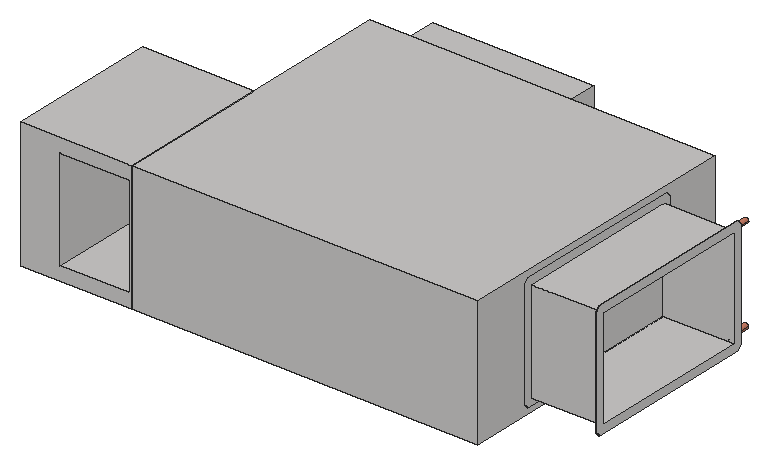
Revit family
Parameters
  Width = 3' - 1"
  Voltage = 120 V
  Unit Weight = if(and(Size Option = 1, Number of Rows = 1), "189.0 lbs", if(and(Size Option = 1, Number of Rows = 2), "192.0 lbs", if(and(Size Option = 2, Number of Rows = 1), "194.0 lbs", if(and(Size Option = 2, Number of Rows = 2), "197.0 lbs", "0"))))  # "194.0 lbs"
  UltraLoc Liner = Choose Liner Option = 3  # no
  URL = "http://www.titus-hvac.com/"
  UL = "181"
  Supply Air Flow [instance] = 0 CFM
  SteriLoc Liner = Choose Liner Option = 2  # no
  Size Option = 2
  Size C = Size Option = 2  # yes
  Size B = Size Option = 1  # no
  Secondary Material = Copper Connectors
  Primary Air Pressure Drop [instance] = 0.00 in-wg
  Primary Air Flow [instance] = 0 CFM
  Pressure [instance] = 0.00 psi
  Plenum Air Pressure Drop [instance] = 0.00 in-wg
  Plenum Air Flow [instance] = 0 CFM
  Outlet Width = 1' - 8 1/2"
  Outlet Height = 1' - 0 1/2"
  Number of Rows = 1
  Number of Poles = 1
  Nominal Width = Width + 0' 6 1/4"  # 3' - 7 1/4"
  Nominal Length = Length + 1' 1 7/8" + 0' 9"  # 5' - 5 7/8"
  Nominal Inlet Size = 0' - 6"
  Nominal Height = 1' - 4"
  NFPA = "90A"
  Motor Full Load Amps [instance] = 4 A
  Model = "DTFS-F"
  Min. Air Flow = 0 CFM
  Max. Air Flow = 500 CFM
  Material = Galvanized Steel
  Manufacturer = "Titus"
  Length = 3' - 7"
  Juction Box Offset = 0' - 2 7/8"
  Inlet Diameter = Nominal Inlet Size - 0' 0 1/8"  # 0' - 5 7/8"
  Induced Air Inlet Width = 1' - 1 7/8"
  Induced Air Inlet Offset = (Height - Induced Air Inlet Connection Height) / 2  # 0' - 1 11/16"
  Induced Air Inlet Height = 1' - 7"
  Induced Air Inlet Connection Width = 0' - 8 3/4"
  Induced Air Inlet Connection Height = 1' - 0 5/8"
  Induced Air Filter = no
  Height = 1' - 4"
  Heating Total Capacity [instance] = 0 Btu/h
  Heating Entering Water Temp = 0 °F
  Half Outlet Connection Width = Outlet Width / 2  # 0' - 10 1/4"
  Half Outlet Connection Height = Outlet Height / 2  # 0' - 6 1/4"
  Half Height Start = -(Height / 2)  # -0' - 8"
  Half Height End = Height / 2  # 0' - 8"
  HWC Option = HWC Section : B-C - 1 Row
  HWC Connector Radius = 5/16"
  HP-Motor = "1/4"
  Gallons Per Minute [instance] = 0 GPM
  Frequency = 60 Hz
  Flange Offset = 0' - 1"
  Filter Size = "11\"x14\""
  Fiber Free Liner = Choose Liner Option = 1  # no
  Fan Disconnect Switch = no
  Duct Radius = Nominal Inlet Size / 2  # 0' - 3"
  Description = "Ultra Quiet Series Fan Powered Terminal Unit, Direct Digital Control, Pressure Independent"
  Connector Vertical Offset = 0' - 11 3/4"
  HWC Connector Length = 0' - 3"
  Connector Horizontal Offset = if(Number of Rows = 1, 0' 0", if(Number of Rows = 2, 0' 1", 0' 0"))  # 0' - 0"
  Connection Void Radius = Connection Radius - 0' 0 1/4"  # 0' - 2 11/16"
  Connection Radius = Inlet Diameter / 2  # 0' - 2 15/16"
  Choose Liner Option = 0
  CADworks URL = "www.CADworks.net"
  Assembly Code = "D3040100"
  Apparent Power [instance] = Voltage * Motor Full Load Amps  # 480 VA
  Air Inlet Offset = 0' - 6"
  1/2" Fiberglass Liner = Choose Liner Option = 0  # yes
  1" Fiberglass Liner = Choose Liner Option = 4  # no
Reference planes (in)
  plane 1 "Center (Front/Back)": y = 0
  plane 2: z = 0
  plane 3 "Center (Left/Right)": x = 3
  plane 4: x = -18.5
  plane 5: x = 24.5
  plane 6: x = -15.625
  plane 7: x = -21.875
  plane 8: z = 0
  plane 9: y = -18.5
  plane 10: y = 18.5
  plane 11: y = 12.5
  plane 12: z = 0
  plane 13: x = 33.5
  plane 14: x = 32.5
  plane 15: y = 13.25
  plane 16: y = 10.25
  plane 17: z = 5.875
  plane 18: z = -5.875
  plane 19: x = 32.5
  plane 20: y = 24.75
  plane 21: x = -32.375
  plane 22: z = 8
  plane 23: z = -8
Forms (in)
  Extrusion 1, solid, material "Galvanized Steel" <- "Material"
    sketch origin (0, 0, 0) x (1, 0, 0) y (0, 1, 0)
      loop
        line (-18.5, 18.5) -> (-18.5, -18.5) -> (24.5, -18.5) -> (24.5, 18.5) -> (-18.5, 18.5)
    from -8 <- "Half Height Start" to 8 <- "Half Height End"
  Extrusion 2, solid, material "Galvanized Steel" <- "Material"
    sketch origin (0, 0, 0) x (1, 0, 0) y (0, 1, 0)
      loop
        line (-32.375, 0.5) -> (-32.375, -18.5) -> (-18.5, -18.5) -> (-18.5, 0.5) -> (-32.375, 0.5)
    from -8 <- "Half Height Start" to 8 <- "Half Height End"
  Extrusion 3, void
    sketch origin (0, -18.5, 0) x (1, 0, 0) y (0, 0, -1)
      loop
        line (-18.75, 6.3125) -> (-27.5, 6.3125) -> (-27.5, -6.3125) -> (-18.75, -6.3125) -> (-18.75, 6.3125)
    from 0 to 16
  Extrusion 4, solid, material "Galvanized Steel" <- "Material"
    sketch origin (3, 0, 30) x (1, 0, 0) y (0, 1, 0)
      loop
        line (-18.625, 18.5) -> (1.375, 18.5) -> (1.375, 24.75) -> (-18.625, 24.75) -> (-18.625, 18.5)
    from -36 to -24
  Extrusion 5, solid, material "Galvanized Steel" <- "Material"
    sketch origin (-24.875, -2, 0) x (0, 0, -1) y (0, 1, 0)
      loop
        circle (0, 14.5) r 2.9375
    from 3 to 6.375
  Extrusion 6, void
    sketch origin (-24.875, 0, 0) x (0, 1, 0) y (0, 0, 1)
      loop
        circle (12.5, 0) r 2.6875
    from 3 to 9.25
  Extrusion 7, void, detail levels fine
    sketch origin (33.5, -10.25, 6.25) x (0, 0, 1) y (0, -1, 0)
      loop
        line (-12.5, 0) -> (-12.5, -20.5) -> (0, -20.5) -> (0, 0) -> (-12.5, 0)
    from -0.0625 to 0
  Extrusion 8, solid, material "Copper Connectors" <- "Secondary Material", detail levels fine
    sketch origin (0, 0, 0) x (1, 0, 0) y (0, 0, 1)
      loop
        circle (32.5, 5.875) r 0.3125
    from -13.25 to -10.3125
  Extrusion 9, solid, material "Copper Connectors" <- "Secondary Material", detail levels fine
    sketch origin (0, 0, 0) x (1, 0, 0) y (0, 0, 1)
      loop
        circle (32.5, -5.875) r 0.3125
    from -13.25 to -10.3125
Cuts and joins
  Extrusion 3 cuts Extrusion 2
  Extrusion 6 cuts Extrusion 1
  Extrusion 6 cuts Extrusion 5
Dimensions and locks (in)
  "Length": plane 5 to plane 4
  equal spacing: plane 5, plane 3 "Center (Left/Right)", plane 4
  locked: Extrusion 4 to plane 6 at 0
  locked: Extrusion 4 to Extrusion 4 at 20
  "Juction Box Offset": plane 6 to plane 4
  locked: plane 4 to plane 7 at 3.375
  "Width": plane 9 to plane 10
  equal spacing: plane 9, plane 1 "Center (Front/Back)", plane 10
  locked: Extrusion 5 sketch curve to level at 0
  locked: Extrusion 5 sketch curve to plane 11 at 0
  locked: Extrusion 6 sketch curve to level at 0
  locked: Extrusion 6 sketch curve to plane 11 at 0
  locked: Extrusion 4 to Extrusion 4 at 6.25
  locked: Extrusion 4 to Extrusion 4 at 12
  equal spacing: Extrusion 4, plane 8, Extrusion 4
  "Air Inlet Offset": plane 10 to plane 11
  "Induced Air Inlet Height": cut or joined group of Extrusion 2, Extrusion 3 to cut or joined group of Extrusion 2, Extrusion 3
  locked: cut or joined group of Extrusion 5, Extrusion 6 to cut or joined group of Extrusion 5, Extrusion 6 at 3.375
  "Induced Air Inlet Connection Height": Extrusion 3 sketch curve to Extrusion 3 sketch curve
  "Induced Air Inlet Offset": Extrusion 3 sketch curve to cut or joined group of Extrusion 2, Extrusion 3
  "Induced Air Inlet Connection Width": Extrusion 3 sketch curve to Extrusion 3 sketch curve
  locked: Extrusion 3 sketch curve to cut or joined group of Extrusion 1, Extrusion 6 at 0.25
  locked: plane 5 to plane 13 at 9
  locked: plane 14 to plane 13 at 1
  locked: plane 17 to plane 18 at 11.75
  equal spacing: plane 17, plane 12, plane 18
  "Connector Horizontal Offset": plane 19 to plane 14
  "HWC Connector Length": plane 16 to plane 15
  locked: cut or joined group of Extrusion 2, Extrusion 3 to cut or joined group of Extrusion 2, Extrusion 3 at 16
  equal spacing: cut or joined group of Extrusion 2, Extrusion 3, plane 12, cut or joined group of Extrusion 2, Extrusion 3
  locked: cut or joined group of Extrusion 1, Extrusion 6 to cut or joined group of Extrusion 2, Extrusion 3 at 16
  equal spacing: cut or joined group of Extrusion 1, Extrusion 6, plane 12, cut or joined group of Extrusion 1, Extrusion 6
  locked: cut or joined group of Extrusion 2, Extrusion 3 to cut or joined group of Extrusion 2, Extrusion 3 at 13.875
  locked: nested 1 to cut or joined group of Extrusion 1, Extrusion 6 at 1.6875
  locked: cut or joined group of Extrusion 1, Extrusion 6 to nested 1 at 1.6875
  "Connection Radius": radius of Extrusion 5 sketch curve
  "Connection Void Radius": radius of Extrusion 6 sketch curve
  "HWC Connector Radius": radius of Extrusion 8 sketch curve
  "HWC Connector Radius": radius of Extrusion 9 sketch curve
  aligned and locked: plane 10 to Extrusion 4
  aligned and locked: plane 7 to cut or joined group of Extrusion 5, Extrusion 6
  aligned and locked: plane 9 to cut or joined group of Extrusion 2, Extrusion 3  (x3)
  aligned and locked: nested 1 to Extrusion 8
  aligned and locked: plane 15 to Extrusion 8
  aligned and locked: nested 1 to Extrusion 9
  aligned and locked: plane 15 to Extrusion 9
  aligned and locked: plane 5 to cut or joined group of Extrusion 1, Extrusion 6
  aligned and locked: cut or joined group of Extrusion 1, Extrusion 6 to plane 10
  aligned and locked: plane 9 to cut or joined group of Extrusion 1, Extrusion 6
  aligned and locked: cut or joined group of Extrusion 1, Extrusion 6 to plane 4
  aligned and locked: cut or joined group of Extrusion 1, Extrusion 6 to nested 1
  aligned and locked: cut or joined group of Extrusion 5, Extrusion 6 to cut or joined group of Extrusion 1, Extrusion 6
  aligned and locked: cut or joined group of Extrusion 2, Extrusion 3 to cut or joined group of Extrusion 1, Extrusion 6
  aligned and locked: plane 6 to Extrusion 6
  aligned and locked: Extrusion 6 to plane 7
  aligned and locked: plane 22 to cut or joined group of Extrusion 2, Extrusion 3
  aligned and locked: plane 22 to cut or joined group of Extrusion 1, Extrusion 6
  aligned and locked: plane 23 to cut or joined group of Extrusion 2, Extrusion 3
  aligned and locked: plane 23 to cut or joined group of Extrusion 1, Extrusion 6
  aligned and locked: plane 20 to Extrusion 4
  aligned and locked: plane 21 to cut or joined group of Extrusion 2, Extrusion 3
  aligned and locked: plane 13 to nested 1
Automatic sketch dimensions
  Extrusion 1 sketch curve to plane 4 = 0' - 0"
  Extrusion 1 sketch curve to plane 5 = 0' - 0"
  Extrusion 1 sketch curve to plane 9 = 0' - 0"
  Extrusion 1 sketch curve to plane 10 = 0' - 0"
  Extrusion 2 sketch curve to plane 4 = 0' - 0"
  Extrusion 2 sketch curve to plane 9 = 0' - 0"
  Extrusion 2 sketch curve to plane 1 "Center (Front/Back)" = 0' - 0 1/2"
  Extrusion 4 sketch curve to plane 6 = 0' - 0"
  Extrusion 4 sketch curve to plane 10 = 0' - 0"
  plane 3 "Center (Left/Right)" to Extrusion 4 sketch curve = 0' - 1 3/8"
  Extrusion 4 sketch curve to plane 10 = 0' - 6 1/4"
  Extrusion 2 sketch curve to plane 7 = 0' - 10 1/2"
  Extrusion 7 sketch curve to nested 1 = 0' - 0"  (x4)
  Extrusion 8 sketch curve to plane 17 = 0' - 0"
  Extrusion 8 sketch curve to plane 19 = 0' - 0"
  Extrusion 9 sketch curve to plane 14 = 0' - 0"
  Extrusion 9 sketch curve to plane 18 = 0' - 0"
Nested families (in)
  nested 1: "HWC Section" at (29, 0, 0) x (0, 1, 0) z (0, 0, 1), type <- "HWC Option", type "B-C - 1 Row"
Connectors (in)
  electrical at (-5.625, 24.75, 0), driven by "Apparent Power", driven by "Voltage", driven by "Number of Poles"
    settings: on Extrusion 4, index 8
  hvac at (-21.875, 12.5, 0), driven by "Duct Radius", driven by "Primary Air Pressure Drop", driven by "Primary Air Flow"
    settings: on cut or joined group of Extrusion 5, Extrusion 6, index 9
  hvac at (-23.125, -18.5, 0), driven by "Induced Air Inlet Connection Height", driven by "Induced Air Inlet Connection Width", driven by "Plenum Air Pressure Drop", driven by "Plenum Air Flow"
    settings: on cut or joined group of Extrusion 2, Extrusion 3, index 10
  hvac at (33.5, 0, 0), driven by "Outlet Height", driven by "Outlet Width", driven by "Supply Air Flow"
    settings: on Extrusion 7, index 11
  piping at (32.5, 13.25, 5.875), driven by "Gallons Per Minute", driven by "Pressure", driven by "HWC Connector Radius"
    settings: on Extrusion 8, index 12
  piping at (32.5, 13.25, -5.875), driven by "Gallons Per Minute", driven by "HWC Connector Radius", driven by "Pressure"
    settings: on Extrusion 9, index 13
Definition of nested family "HWC Section"
  Parameters (values of type "B-C - 1 Row")
    Visibility = yes
    Secondary Material = Copper Connectors
    Number of Rows = 1
    Material = Galvanized Steel
    Half Width = HWC Width / 2  # 0' - 10 1/4"
    Half Length-Start = -(HWC Length / 2)  # -0' - 4 1/2"
    Half Length-End = HWC Length / 2  # 0' - 4 1/2"
    HWC Connection Radius = 5/16"
    Flange Offset = 0' - 1"
    Duct Vertical Offset = HWC Height - 0' 0 1/2"  # 1' - 0"
    Duct Horizontal Offset = HWC Width - 0' 0 1/2"  # 1' - 8"
    Connector Vertical Offset = 0' - 11 3/4"
    HWC Width = 1' - 8 1/2"
    HWC Height = 1' - 0 1/2"
    HWC Length = 0' - 9"  # constant formula
    Gallons Per Minute = 0 GPM
    Connector Length = 0' - 3"
    Connector Horizontal Offset = 0' - 0"
  Types (5): name | Number of Rows | Half Width | Flange Offset | Duct Vertical Offset | Duct Horizontal Offset | Connector Vertical Offset | HWC Width | HWC Height | Connector Horizontal Offset
    (no name) | 1 | 0' - 10 1/4" | 0' - 1" | 1' - 0" | 1' - 8" | 0' - 11 3/4" | 1' - 8 1/2" | 1' - 0 1/2" | 0' - 0"
    B-C - 1 Row | 1 | 0' - 10 1/4" | 0' - 1" | 1' - 0" | 1' - 8" | 0' - 11 3/4" | 1' - 8 1/2" | 1' - 0 1/2" | 0' - 0"
    B-C - 2 Row | 2 | 0' - 10 1/4" | 0' - 1" | 1' - 0" | 1' - 8" | 0' - 11 3/4" | 1' - 8 1/2" | 1' - 0 1/2" | 0' - 1"
    D-E - 1 Row | 1 | 1' - 0 1/2" | 0' - 1 1/4" | 1' - 5" | 2' - 0 1/2" | 1' - 4 1/4" | 2' - 1" | 1' - 5 1/2" | 0' - 0"
    D-E - 2 Row | 2 | 1' - 0 1/2" | 0' - 1 1/4" | 1' - 5" | 2' - 0 1/2" | 1' - 4 3/4" | 2' - 1" | 1' - 5 1/2" | 0' - 1"
  Reference planes (in)
    plane 1 "Center (Front/Back)": y = 0
    plane 2: z = 0
    plane 3 "Center (Left/Right)": x = 0
    plane 4: x = -10.25
    plane 5: x = 10.25
    plane 6: y = 4.5
    plane 7: y = -4.5
    plane 8: z = 6.25
    plane 9: z = -6.25
    plane 10: z = 5.875
    plane 11: z = -5.875
    plane 12: y = 3.5
    plane 13: y = 3.5
    plane 14: x = 13.25
  Forms (in)
    Extrusion 1, solid, material "Galvanized Steel" <- "Material", visible <- "Visibility"
      sketch origin (0, 0, 0) x (1, 0, 0) y (0, 0, 1)
        loop
          line (-10.3125, 6.3125) -> (-10.3125, -6.3125) -> (10.3125, -6.3125) -> (10.3125, 6.3125) -> (-10.3125, 6.3125)
      from -4.375 <- "Half Length-Start" to 4.5 <- "Half Length-End"
    Extrusion 2, void, detail levels fine
      sketch origin (0, 0, 0) x (1, 0, 0) y (0, 0, 1)
        loop
          line (-10.25, -6.25) -> (10.25, -6.25) -> (10.25, 6.25) -> (-10.25, 6.25) -> (-10.25, -6.25)
      from -4.5 <- "Half Length-Start" to 4.5 <- "Half Length-End"
    Extrusion 3, solid, material "Copper Connectors" <- "Secondary Material", visible <- "Visibility"
      sketch origin (6, 2.625, 0) x (0, 1, 0) y (0, 0, 1)
        loop
          circle (0.875, -5.875) r 0.3125
      from 4.3125 to 7.25
    Extrusion 4, solid, material "Galvanized Steel" <- "Material", visible <- "Visibility"
      sketch origin (0, -4.375, 0) x (1, 0, 0) y (0, 0, 1)
        loop
          line (-10.25, 6.25) -> (-10.25, -6.25) -> (10.25, -6.25) -> (10.25, 6.25) -> (-10.25, 6.25)
        loop
          line (-11.25, 6.75) -> (-11.25, -6.75) -> (-10.75, -7.25) -> (10.75, -7.25) -> (11.25, -6.75) -> (11.25, 6.75) -> (10.75, 7.25) -> (-10.75, 7.25) -> (-11.25, 6.75)
      from 0 to 0.125
    Extrusion 5, solid, material "Copper Connectors" <- "Secondary Material", visible <- "Visibility"
      sketch origin (6, -0.5, 0) x (0, 1, 0) y (0, 0, 1)
        loop
          circle (4, 5.875) r 0.3125
      from 4.3125 to 7.25
    Extrusion 6, solid, material "Galvanized Steel" <- "Material", visible <- "Visibility"
      sketch origin (0, 4.375, 0) x (1, 0, 0) y (0, 0, -1)
        loop
          line (-10.25, -6.25) -> (10.25, -6.25) -> (10.25, 6.25) -> (-10.25, 6.25) -> (-10.25, -6.25)
        loop
          line (-11.25, -6.75) -> (-10.75, -7.25) -> (10.75, -7.25) -> (11.25, -6.75) -> (11.25, 6.75) -> (10.75, 7.25) -> (-10.75, 7.25) -> (-11.25, 6.75) -> (-11.25, -6.75)
      from 0 to 0.125
  Cuts and joins
    Extrusion 2 cuts Extrusion 1
    joined: Extrusion 1, Extrusion 4, Extrusion 6
  Dimensions and locks (in)
    "HWC Width": plane 4 to plane 5
    equal spacing: plane 4, plane 3 "Center (Left/Right)", plane 5
    "HWC Height": plane 8 to plane 9
    equal spacing: plane 8, plane 2, plane 9
    equal spacing: plane 10, plane 2, plane 11
    locked: plane 12 to plane 6 at 1
    "Connector Horizontal Offset": plane 13 to plane 12
    locked: plane 7 to Extrusion 4 at 0.125
    locked: Extrusion 6 to plane 6 at 0.125
    locked: plane 4 to Extrusion 1 sketch curve at 0.0625
    locked: Extrusion 4 to Extrusion 1 sketch curve at 0.0625
    locked: Extrusion 1 sketch curve to plane 8 at 0.0625
    locked: plane 9 to Extrusion 1 sketch curve at 0.0625
    "Connector Length": plane 5 to plane 14
    "HWC Length": plane 6 to plane 7
    equal spacing: plane 6, plane 1 "Center (Front/Back)", plane 7
    "Connector Vertical Offset": plane 10 to plane 11
    equal spacing: plane 10, level, plane 11
    "HWC Width": Extrusion 4 sketch curve to Extrusion 4 sketch curve
    equal spacing: Extrusion 4 sketch curve, plane 3 "Center (Left/Right)", Extrusion 4 sketch curve
    "HWC Height": Extrusion 4 sketch curve to Extrusion 4 sketch curve
    equal spacing: Extrusion 4 sketch curve, plane 2, Extrusion 4 sketch curve
    "Flange Offset": cut or joined group of Extrusion 1, Extrusion 2, Extrusion 4, Extrusion 6 to plane 8
    "Flange Offset": plane 9 to cut or joined group of Extrusion 1, Extrusion 2, Extrusion 4, Extrusion 6
    locked: cut or joined group of Extrusion 1, Extrusion 2, Extrusion 4, Extrusion 6 to plane 4 at 1  (x2)
    locked: cut or joined group of Extrusion 1, Extrusion 2, Extrusion 4, Extrusion 6 to plane 5 at 1  (x2)
    "HWC Width": Extrusion 6 sketch curve to Extrusion 6 sketch curve
    "HWC Height": Extrusion 6 sketch curve to Extrusion 6 sketch curve
    equal spacing: Extrusion 6 sketch curve, plane 3 "Center (Left/Right)", Extrusion 6 sketch curve
    equal spacing: Extrusion 6 sketch curve, plane 2, Extrusion 6 sketch curve
    "HWC Height": Extrusion 2 sketch curve to Extrusion 2 sketch curve
    "HWC Width": Extrusion 2 sketch curve to Extrusion 2 sketch curve
    equal spacing: Extrusion 2 sketch curve, plane 3 "Center (Left/Right)", Extrusion 2 sketch curve
    equal spacing: Extrusion 2 sketch curve, plane 2, Extrusion 2 sketch curve
    locked: plane 5 to Extrusion 3 at 0.0625
    locked: plane 5 to Extrusion 5 at 0.0625
    "Flange Offset": Extrusion 6 sketch curve to plane 8  (x2)
    "Flange Offset": plane 9 to Extrusion 6 sketch curve  (x2)
    "HWC Connection Radius": radius of Extrusion 3 sketch curve
    "HWC Connection Radius": radius of Extrusion 5 sketch curve
    aligned and locked: plane 7 to Extrusion 4
    aligned and locked: plane 6 to Extrusion 6
    aligned and locked: plane 14 to Extrusion 5
    aligned and locked: plane 14 to Extrusion 3
    aligned and locked: Extrusion 6 to cut or joined group of Extrusion 1, Extrusion 2, Extrusion 4, Extrusion 6
    aligned and locked: Extrusion 4 to Extrusion 4
  Automatic sketch dimensions
    Extrusion 3 sketch curve to plane 11 = 0' - 0"
    Extrusion 3 sketch curve to plane 12 = 0' - 0"
    plane 4 to Extrusion 4 sketch curve = 0' - 1"
    plane 4 to Extrusion 4 sketch curve = 0' - 0 1/2"  (x2)
    Extrusion 4 sketch curve to plane 5 = 0' - 0 1/2"  (x2)
    Extrusion 4 sketch curve to Extrusion 4 sketch curve = 0' - 0 1/2"  (x3)
    Extrusion 4 sketch curve to plane 9 = 0' - 0 1/2"  (x2)
    plane 8 to Extrusion 4 sketch curve = 0' - 0 1/2"  (x2)
    Extrusion 5 sketch curve to plane 10 = 0' - 0"
    Extrusion 5 sketch curve to plane 13 = 0' - 0"
    plane 4 to Extrusion 6 sketch curve = 0' - 1"
    plane 4 to Extrusion 6 sketch curve = 0' - 0 1/2"  (x2)
    Extrusion 6 sketch curve to plane 5 = 0' - 0 1/2"  (x2)
    Extrusion 6 sketch curve to Extrusion 6 sketch curve = 0' - 0 1/2"  (x2)
    plane 8 to Extrusion 6 sketch curve = 0' - 0 1/2"  (x2)
    Extrusion 6 sketch curve to plane 9 = 0' - 0 1/2"
